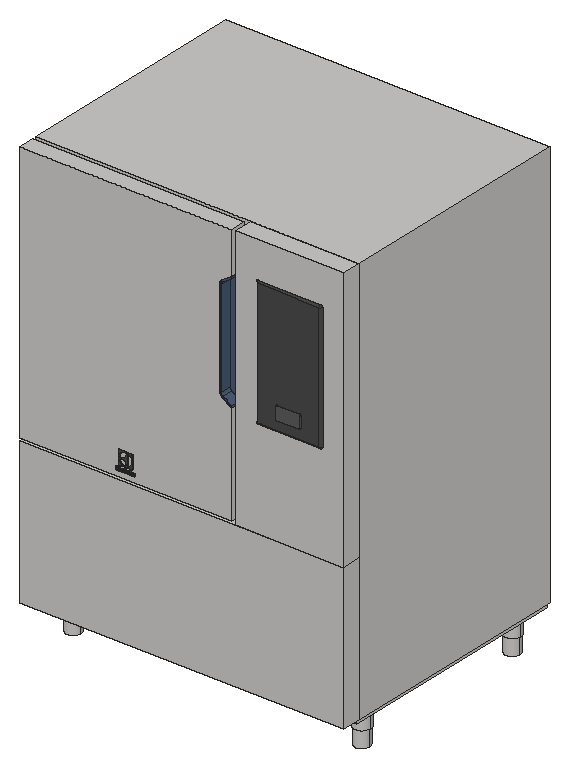
Revit family "QF_ELECTROLUXPROFESSIONAL_727876_EBFA12URE", category Specialty Equipment, Revit 2018 (continued)
Automatic sketch dimensions
  Split face 277 sketch curve to Extrusion 4 = 30.031 mm
  Split face 277 sketch curve to Extrusion 4 = 241.478 mm
  Split face 277 sketch curve to Split face 277 sketch curve = 4.974 mm
  Split face 278 sketch curve to Extrusion 4 = 140.047 mm
  Split face 278 sketch curve to Extrusion 4 = 30.031 mm
  Split face 278 sketch curve to Extrusion 4 = 231.978 mm
  Split face 278 sketch curve to Split face 278 sketch curve = 4.974 mm
  Split face 279 sketch curve to Extrusion 4 = 140.047 mm
  Split face 279 sketch curve to Extrusion 4 = 30.031 mm
  Split face 279 sketch curve to Extrusion 4 = 222.478 mm
  Split face 279 sketch curve to Split face 279 sketch curve = 4.974 mm
  Split face 280 sketch curve to Extrusion 4 = 140.047 mm
  Split face 280 sketch curve to Extrusion 4 = 30.031 mm
  Split face 280 sketch curve to Extrusion 4 = 212.978 mm
  Split face 280 sketch curve to Split face 280 sketch curve = 4.974 mm
  Split face 281 sketch curve to Extrusion 4 = 140.047 mm
  Split face 281 sketch curve to Extrusion 4 = 30.031 mm
  Split face 281 sketch curve to Extrusion 4 = 203.478 mm
  Split face 281 sketch curve to Split face 281 sketch curve = 4.974 mm
  Split face 282 sketch curve to Extrusion 4 = 140.047 mm
  Split face 282 sketch curve to Extrusion 4 = 30.031 mm
  Split face 282 sketch curve to Extrusion 4 = 193.978 mm
  Split face 282 sketch curve to Split face 282 sketch curve = 4.974 mm
  Split face 283 sketch curve to Extrusion 4 = 140.047 mm
  Split face 283 sketch curve to Extrusion 4 = 30.031 mm
  Split face 283 sketch curve to Extrusion 4 = 184.478 mm
  Split face 283 sketch curve to Split face 283 sketch curve = 4.974 mm
  Split face 284 sketch curve to Extrusion 4 = 140.047 mm
  Split face 284 sketch curve to Extrusion 4 = 30.031 mm
  Split face 284 sketch curve to Extrusion 4 = 174.978 mm
  Split face 284 sketch curve to Split face 284 sketch curve = 4.974 mm
  Split face 285 sketch curve to Extrusion 4 = 140.047 mm
  Split face 285 sketch curve to Extrusion 4 = 30.031 mm
  Split face 285 sketch curve to Extrusion 4 = 165.478 mm
  Split face 285 sketch curve to Split face 285 sketch curve = 4.974 mm
  Split face 286 sketch curve to Extrusion 4 = 140.047 mm
  Split face 286 sketch curve to Extrusion 4 = 30.031 mm
  Split face 286 sketch curve to Extrusion 4 = 155.978 mm
  Split face 286 sketch curve to Split face 286 sketch curve = 4.974 mm
  Split face 287 sketch curve to Extrusion 4 = 140.047 mm
  Split face 287 sketch curve to Extrusion 4 = 30.031 mm
  Split face 287 sketch curve to Extrusion 4 = 146.478 mm
  Split face 287 sketch curve to Split face 287 sketch curve = 4.974 mm
  Split face 288 sketch curve to Extrusion 4 = 33.499 mm
  Split face 288 sketch curve to Extrusion 4 = 620.012 mm
  Split face 288 sketch curve to Extrusion 4 = 28.525 mm
  Split face 288 sketch curve to Split face 288 sketch curve = 110.016 mm
  Split face 289 sketch curve to Extrusion 4 = 42.999 mm
  Split face 289 sketch curve to Extrusion 4 = 620.012 mm
  Split face 289 sketch curve to Extrusion 4 = 38.025 mm
  Split face 289 sketch curve to Split face 289 sketch curve = 110.016 mm
  Split face 290 sketch curve to Extrusion 4 = 52.499 mm
  Split face 290 sketch curve to Extrusion 4 = 620.012 mm
  Split face 290 sketch curve to Extrusion 4 = 47.525 mm
  Split face 290 sketch curve to Split face 290 sketch curve = 110.016 mm
  Split face 291 sketch curve to Extrusion 4 = 61.999 mm
  Split face 291 sketch curve to Extrusion 4 = 620.012 mm
  Split face 291 sketch curve to Split face 291 sketch curve = 110.016 mm
  Split face 291 sketch curve to Split face 291 sketch curve = 4.974 mm
  Split face 292 sketch curve to Extrusion 4 = 71.499 mm
  Split face 292 sketch curve to Extrusion 4 = 620.012 mm
  Split face 292 sketch curve to Split face 292 sketch curve = 110.016 mm
  Split face 292 sketch curve to Split face 292 sketch curve = 4.974 mm
  Split face 293 sketch curve to Extrusion 4 = 80.999 mm
  Split face 293 sketch curve to Extrusion 4 = 620.012 mm
  Split face 293 sketch curve to Split face 293 sketch curve = 110.016 mm
  Split face 293 sketch curve to Split face 293 sketch curve = 4.974 mm
  Split face 294 sketch curve to Extrusion 4 = 90.499 mm
  Split face 294 sketch curve to Extrusion 4 = 620.012 mm
  Split face 294 sketch curve to Split face 294 sketch curve = 110.016 mm
  Split face 294 sketch curve to Split face 294 sketch curve = 4.974 mm
  Split face 295 sketch curve to Extrusion 4 = 99.999 mm
  Split face 295 sketch curve to Extrusion 4 = 620.012 mm
  Split face 295 sketch curve to Split face 295 sketch curve = 110.016 mm
  Split face 295 sketch curve to Split face 295 sketch curve = 4.974 mm
  Split face 296 sketch curve to Extrusion 4 = 109.499 mm
  Split face 296 sketch curve to Extrusion 4 = 620.012 mm
  Split face 296 sketch curve to Split face 296 sketch curve = 110.016 mm
  Split face 296 sketch curve to Split face 296 sketch curve = 4.974 mm
  Split face 297 sketch curve to Extrusion 4 = 119 mm
  Split face 297 sketch curve to Extrusion 4 = 620.012 mm
  Split face 297 sketch curve to Split face 297 sketch curve = 110.016 mm
  Split face 297 sketch curve to Split face 297 sketch curve = 4.974 mm
  Split face 298 sketch curve to Extrusion 4 = 128.5 mm
  Split face 298 sketch curve to Extrusion 4 = 620.012 mm
  Split face 298 sketch curve to Split face 298 sketch curve = 110.016 mm
  Split face 298 sketch curve to Split face 298 sketch curve = 4.974 mm
  Split face 299 sketch curve to Extrusion 4 = 138 mm
  Split face 299 sketch curve to Extrusion 4 = 620.012 mm
  Split face 299 sketch curve to Split face 299 sketch curve = 110.016 mm
  Split face 299 sketch curve to Split face 299 sketch curve = 4.974 mm
  Split face 300 sketch curve to Extrusion 4 = 147.5 mm
  Split face 300 sketch curve to Extrusion 4 = 620.012 mm
  Split face 300 sketch curve to Split face 300 sketch curve = 110.016 mm
  Split face 300 sketch curve to Split face 300 sketch curve = 4.974 mm
  Split face 301 sketch curve to Extrusion 4 = 157 mm
  Split face 301 sketch curve to Extrusion 4 = 620.012 mm
  Split face 301 sketch curve to Split face 301 sketch curve = 110.016 mm
  Split face 301 sketch curve to Split face 301 sketch curve = 4.974 mm
  Split face 302 sketch curve to Extrusion 4 = 166.5 mm
  Split face 302 sketch curve to Extrusion 4 = 620.012 mm
  Split face 302 sketch curve to Split face 302 sketch curve = 110.016 mm
  Split face 302 sketch curve to Split face 302 sketch curve = 4.974 mm
  Split face 303 sketch curve to Extrusion 4 = 176 mm
  Split face 303 sketch curve to Extrusion 4 = 620.012 mm
  Split face 303 sketch curve to Split face 303 sketch curve = 110.016 mm
  Split face 303 sketch curve to Split face 303 sketch curve = 4.974 mm
  Split face 304 sketch curve to Extrusion 4 = 185.5 mm
  Split face 304 sketch curve to Extrusion 4 = 620.012 mm
  Split face 304 sketch curve to Split face 304 sketch curve = 110.016 mm
  Split face 304 sketch curve to Split face 304 sketch curve = 4.974 mm
  Split face 305 sketch curve to Extrusion 4 = 195 mm
  Split face 305 sketch curve to Extrusion 4 = 620.012 mm
  Split face 305 sketch curve to Split face 305 sketch curve = 110.016 mm
  Split face 305 sketch curve to Split face 305 sketch curve = 4.974 mm
  Split face 306 sketch curve to Extrusion 4 = 204.5 mm
  Split face 306 sketch curve to Extrusion 4 = 620.012 mm
  Split face 306 sketch curve to Split face 306 sketch curve = 110.016 mm
  Split face 306 sketch curve to Split face 306 sketch curve = 4.974 mm
  Split face 307 sketch curve to Extrusion 4 = 214 mm
  Split face 307 sketch curve to Extrusion 4 = 620.012 mm
  Split face 307 sketch curve to Split face 307 sketch curve = 110.016 mm
  Split face 307 sketch curve to Split face 307 sketch curve = 4.974 mm
  Split face 308 sketch curve to Extrusion 4 = 223.5 mm
  Split face 308 sketch curve to Extrusion 4 = 620.012 mm
  Split face 308 sketch curve to Split face 308 sketch curve = 110.016 mm
  Split face 308 sketch curve to Split face 308 sketch curve = 4.974 mm
  Split face 309 sketch curve to Extrusion 4 = 233.001 mm
  Split face 309 sketch curve to Extrusion 4 = 620.012 mm
  Split face 309 sketch curve to Split face 309 sketch curve = 110.016 mm
  Split face 309 sketch curve to Split face 309 sketch curve = 4.974 mm
  Split face 310 sketch curve to Extrusion 4 = 242.501 mm
  Split face 310 sketch curve to Extrusion 4 = 620.012 mm
  Split face 310 sketch curve to Split face 310 sketch curve = 110.016 mm
  Split face 310 sketch curve to Split face 310 sketch curve = 4.974 mm
  Split face 311 sketch curve to Extrusion 4 = 252.001 mm
  Split face 311 sketch curve to Extrusion 4 = 620.012 mm
  Split face 311 sketch curve to Split face 311 sketch curve = 110.016 mm
  Split face 311 sketch curve to Split face 311 sketch curve = 4.974 mm
  Split face 312 sketch curve to Extrusion 4 = 261.501 mm
  Split face 312 sketch curve to Extrusion 4 = 620.012 mm
  Split face 312 sketch curve to Split face 312 sketch curve = 110.016 mm
  Split face 312 sketch curve to Split face 312 sketch curve = 4.974 mm
  Split face 313 sketch curve to Extrusion 4 = 271.001 mm
  Split face 313 sketch curve to Extrusion 4 = 620.012 mm
  Split face 313 sketch curve to Split face 313 sketch curve = 110.016 mm
  Split face 313 sketch curve to Split face 313 sketch curve = 4.974 mm
  Split face 314 sketch curve to Extrusion 4 = 279.479 mm
  Split face 314 sketch curve to Extrusion 4 = 620.012 mm
  Split face 314 sketch curve to Split face 314 sketch curve = 110.016 mm
  Split face 314 sketch curve to Split face 314 sketch curve = 4.974 mm
  Split face 315 sketch curve to Extrusion 4 = 269.979 mm
  Split face 315 sketch curve to Extrusion 4 = 620.012 mm
  Split face 315 sketch curve to Split face 315 sketch curve = 110.016 mm
  Split face 315 sketch curve to Split face 315 sketch curve = 4.974 mm
  Split face 316 sketch curve to Extrusion 4 = 260.479 mm
  Split face 316 sketch curve to Extrusion 4 = 620.012 mm
  Split face 316 sketch curve to Split face 316 sketch curve = 110.016 mm
  Split face 316 sketch curve to Split face 316 sketch curve = 4.974 mm
  Split face 317 sketch curve to Extrusion 4 = 250.978 mm
  Split face 317 sketch curve to Extrusion 4 = 620.012 mm
  Split face 317 sketch curve to Split face 317 sketch curve = 110.016 mm
  Split face 317 sketch curve to Split face 317 sketch curve = 4.974 mm
  Split face 318 sketch curve to Extrusion 4 = 241.478 mm
  Split face 318 sketch curve to Extrusion 4 = 620.012 mm
  Split face 318 sketch curve to Split face 318 sketch curve = 110.016 mm
  Split face 318 sketch curve to Split face 318 sketch curve = 4.974 mm
  Split face 319 sketch curve to Extrusion 4 = 231.978 mm
  Split face 319 sketch curve to Extrusion 4 = 620.012 mm
  Split face 319 sketch curve to Split face 319 sketch curve = 110.016 mm
  Split face 319 sketch curve to Split face 319 sketch curve = 4.974 mm
  Split face 320 sketch curve to Extrusion 4 = 222.478 mm
  Split face 320 sketch curve to Extrusion 4 = 620.012 mm
  Split face 320 sketch curve to Split face 320 sketch curve = 110.016 mm
  Split face 320 sketch curve to Split face 320 sketch curve = 4.974 mm
  Split face 321 sketch curve to Extrusion 4 = 212.978 mm
  Split face 321 sketch curve to Extrusion 4 = 620.012 mm
  Split face 321 sketch curve to Split face 321 sketch curve = 110.016 mm
  Split face 321 sketch curve to Split face 321 sketch curve = 4.974 mm
  Split face 322 sketch curve to Extrusion 4 = 203.478 mm
  Split face 322 sketch curve to Extrusion 4 = 620.012 mm
  Split face 322 sketch curve to Split face 322 sketch curve = 110.016 mm
  Split face 322 sketch curve to Split face 322 sketch curve = 4.974 mm
  Split face 323 sketch curve to Extrusion 4 = 193.978 mm
  Split face 323 sketch curve to Extrusion 4 = 620.012 mm
  Split face 323 sketch curve to Split face 323 sketch curve = 110.016 mm
  Split face 323 sketch curve to Split face 323 sketch curve = 4.974 mm
  Split face 324 sketch curve to Extrusion 4 = 184.478 mm
  Split face 324 sketch curve to Extrusion 4 = 620.012 mm
  Split face 324 sketch curve to Split face 324 sketch curve = 110.016 mm
  Split face 324 sketch curve to Split face 324 sketch curve = 4.974 mm
  Split face 325 sketch curve to Extrusion 4 = 174.978 mm
  Split face 325 sketch curve to Extrusion 4 = 620.012 mm
  Split face 325 sketch curve to Split face 325 sketch curve = 110.016 mm
  Split face 325 sketch curve to Split face 325 sketch curve = 4.974 mm
  Split face 326 sketch curve to Extrusion 4 = 165.478 mm
  Split face 326 sketch curve to Extrusion 4 = 620.012 mm
  Split face 326 sketch curve to Split face 326 sketch curve = 110.016 mm
  Split face 326 sketch curve to Split face 326 sketch curve = 4.974 mm
  Split face 327 sketch curve to Extrusion 4 = 155.978 mm
  Split face 327 sketch curve to Extrusion 4 = 620.012 mm
  Split face 327 sketch curve to Split face 327 sketch curve = 110.016 mm
  Split face 327 sketch curve to Split face 327 sketch curve = 4.974 mm
  Split face 328 sketch curve to Extrusion 4 = 146.478 mm
  Split face 328 sketch curve to Extrusion 4 = 620.012 mm
  Split face 328 sketch curve to Split face 328 sketch curve = 110.016 mm
  Split face 328 sketch curve to Split face 328 sketch curve = 4.974 mm
  Split face 329 sketch curve to Extrusion 4 = 33.499 mm
  Split face 329 sketch curve to Extrusion 4 = 500.021 mm
  Split face 329 sketch curve to Extrusion 4 = 28.525 mm
  Split face 329 sketch curve to Split face 329 sketch curve = 110.016 mm
  Split face 330 sketch curve to Extrusion 4 = 42.999 mm
  Split face 330 sketch curve to Extrusion 4 = 500.021 mm
  Split face 330 sketch curve to Extrusion 4 = 38.025 mm
  Split face 330 sketch curve to Split face 330 sketch curve = 110.016 mm
  Split face 331 sketch curve to Extrusion 4 = 52.499 mm
  Split face 331 sketch curve to Extrusion 4 = 500.021 mm
  Split face 331 sketch curve to Extrusion 4 = 47.525 mm
  Split face 331 sketch curve to Split face 331 sketch curve = 110.016 mm
  Split face 332 sketch curve to Extrusion 4 = 61.999 mm
  Split face 332 sketch curve to Extrusion 4 = 500.021 mm
  Split face 332 sketch curve to Split face 332 sketch curve = 110.016 mm
  Split face 332 sketch curve to Split face 332 sketch curve = 4.974 mm
  Split face 333 sketch curve to Extrusion 4 = 71.499 mm
  Split face 333 sketch curve to Extrusion 4 = 500.021 mm
  Split face 333 sketch curve to Split face 333 sketch curve = 110.016 mm
  Split face 333 sketch curve to Split face 333 sketch curve = 4.974 mm
  Split face 334 sketch curve to Extrusion 4 = 80.999 mm
  Split face 334 sketch curve to Extrusion 4 = 500.021 mm
  Split face 334 sketch curve to Split face 334 sketch curve = 110.016 mm
  Split face 334 sketch curve to Split face 334 sketch curve = 4.974 mm
  Split face 335 sketch curve to Extrusion 4 = 90.499 mm
  Split face 335 sketch curve to Extrusion 4 = 500.021 mm
  Split face 335 sketch curve to Split face 335 sketch curve = 110.016 mm
  Split face 335 sketch curve to Split face 335 sketch curve = 4.974 mm
  Split face 336 sketch curve to Extrusion 4 = 99.999 mm
  Split face 336 sketch curve to Extrusion 4 = 500.021 mm
  Split face 336 sketch curve to Split face 336 sketch curve = 110.016 mm
  Split face 336 sketch curve to Split face 336 sketch curve = 4.974 mm
  Split face 337 sketch curve to Extrusion 4 = 109.499 mm
  Split face 337 sketch curve to Extrusion 4 = 500.021 mm
  Split face 337 sketch curve to Split face 337 sketch curve = 110.016 mm
  Split face 337 sketch curve to Split face 337 sketch curve = 4.974 mm
  Split face 338 sketch curve to Extrusion 4 = 119 mm
  Split face 338 sketch curve to Extrusion 4 = 500.021 mm
  Split face 338 sketch curve to Split face 338 sketch curve = 110.016 mm
  Split face 338 sketch curve to Split face 338 sketch curve = 4.974 mm
  Split face 339 sketch curve to Extrusion 4 = 128.5 mm
  Split face 339 sketch curve to Extrusion 4 = 500.021 mm
  Split face 339 sketch curve to Split face 339 sketch curve = 110.016 mm
  Split face 339 sketch curve to Split face 339 sketch curve = 4.974 mm
  Split face 340 sketch curve to Extrusion 4 = 138 mm
  Split face 340 sketch curve to Extrusion 4 = 500.021 mm
  Split face 340 sketch curve to Split face 340 sketch curve = 110.016 mm
  Split face 340 sketch curve to Split face 340 sketch curve = 4.974 mm
  Split face 341 sketch curve to Extrusion 4 = 147.5 mm
  Split face 341 sketch curve to Extrusion 4 = 500.021 mm
  Split face 341 sketch curve to Split face 341 sketch curve = 110.016 mm
  Split face 341 sketch curve to Split face 341 sketch curve = 4.974 mm
  Split face 342 sketch curve to Extrusion 4 = 157 mm
  Split face 342 sketch curve to Extrusion 4 = 500.021 mm
  Split face 342 sketch curve to Split face 342 sketch curve = 110.016 mm
  Split face 342 sketch curve to Split face 342 sketch curve = 4.974 mm
  Split face 343 sketch curve to Extrusion 4 = 166.5 mm
  Split face 343 sketch curve to Extrusion 4 = 500.021 mm
  Split face 343 sketch curve to Split face 343 sketch curve = 110.016 mm
  Split face 343 sketch curve to Split face 343 sketch curve = 4.974 mm
  Split face 344 sketch curve to Extrusion 4 = 176 mm
  Split face 344 sketch curve to Extrusion 4 = 500.021 mm
  Split face 344 sketch curve to Split face 344 sketch curve = 110.016 mm
  Split face 344 sketch curve to Split face 344 sketch curve = 4.974 mm
  Split face 345 sketch curve to Extrusion 4 = 185.5 mm
  Split face 345 sketch curve to Extrusion 4 = 500.021 mm
  Split face 345 sketch curve to Split face 345 sketch curve = 110.016 mm
  Split face 345 sketch curve to Split face 345 sketch curve = 4.974 mm
  Split face 346 sketch curve to Extrusion 4 = 195 mm
  Split face 346 sketch curve to Extrusion 4 = 500.021 mm
  Split face 346 sketch curve to Split face 346 sketch curve = 110.016 mm
  Split face 346 sketch curve to Split face 346 sketch curve = 4.974 mm
  Split face 347 sketch curve to Extrusion 4 = 204.5 mm
  Split face 347 sketch curve to Extrusion 4 = 500.021 mm
  Split face 347 sketch curve to Split face 347 sketch curve = 110.016 mm
  Split face 347 sketch curve to Split face 347 sketch curve = 4.974 mm
  Split face 348 sketch curve to Extrusion 4 = 214 mm
  Split face 348 sketch curve to Extrusion 4 = 500.021 mm
  Split face 348 sketch curve to Split face 348 sketch curve = 110.016 mm
  Split face 348 sketch curve to Split face 348 sketch curve = 4.974 mm
  Split face 349 sketch curve to Extrusion 4 = 223.5 mm
  Split face 349 sketch curve to Extrusion 4 = 500.021 mm
  Split face 349 sketch curve to Split face 349 sketch curve = 110.016 mm
  Split face 349 sketch curve to Split face 349 sketch curve = 4.974 mm
  Split face 350 sketch curve to Extrusion 4 = 233.001 mm
  Split face 350 sketch curve to Extrusion 4 = 500.021 mm
  Split face 350 sketch curve to Split face 350 sketch curve = 110.016 mm
  Split face 350 sketch curve to Split face 350 sketch curve = 4.974 mm
  Split face 351 sketch curve to Extrusion 4 = 242.501 mm
  Split face 351 sketch curve to Extrusion 4 = 500.021 mm
  Split face 351 sketch curve to Split face 351 sketch curve = 110.016 mm
  Split face 351 sketch curve to Split face 351 sketch curve = 4.974 mm
  Split face 352 sketch curve to Extrusion 4 = 500.021 mm
  Split face 352 sketch curve to Split face 352 sketch curve = 110.016 mm
  Split face 352 sketch curve to Extrusion 4 = 252.001 mm
  Split face 352 sketch curve to Split face 352 sketch curve = 4.974 mm
  Split face 353 sketch curve to Extrusion 4 = 500.021 mm
  Split face 353 sketch curve to Split face 353 sketch curve = 110.016 mm
  Split face 353 sketch curve to Extrusion 4 = 261.501 mm
  Split face 353 sketch curve to Split face 353 sketch curve = 4.974 mm
  Split face 354 sketch curve to Extrusion 4 = 500.021 mm
  Split face 354 sketch curve to Split face 354 sketch curve = 110.016 mm
  Split face 354 sketch curve to Extrusion 4 = 271.001 mm
  Split face 354 sketch curve to Split face 354 sketch curve = 4.974 mm
  Split face 355 sketch curve to Extrusion 4 = 500.021 mm
  Split face 355 sketch curve to Split face 355 sketch curve = 110.016 mm
  Split face 355 sketch curve to Extrusion 4 = 279.479 mm
  Split face 355 sketch curve to Split face 355 sketch curve = 4.974 mm
  Split face 356 sketch curve to Extrusion 4 = 500.021 mm
  Split face 356 sketch curve to Split face 356 sketch curve = 110.016 mm
  Split face 356 sketch curve to Extrusion 4 = 269.979 mm
  Split face 356 sketch curve to Split face 356 sketch curve = 4.974 mm
  Split face 357 sketch curve to Extrusion 4 = 500.021 mm
  Split face 357 sketch curve to Split face 357 sketch curve = 110.016 mm
  Split face 357 sketch curve to Extrusion 4 = 260.479 mm
  Split face 357 sketch curve to Split face 357 sketch curve = 4.974 mm
  Split face 358 sketch curve to Extrusion 4 = 500.021 mm
  Split face 358 sketch curve to Split face 358 sketch curve = 110.016 mm
  Split face 358 sketch curve to Extrusion 4 = 250.978 mm
  Split face 358 sketch curve to Split face 358 sketch curve = 4.974 mm
  Split face 359 sketch curve to Extrusion 4 = 241.478 mm
  Split face 359 sketch curve to Extrusion 4 = 500.021 mm
  Split face 359 sketch curve to Split face 359 sketch curve = 110.016 mm
  Split face 359 sketch curve to Split face 359 sketch curve = 4.974 mm
  Split face 360 sketch curve to Extrusion 4 = 231.978 mm
  Split face 360 sketch curve to Extrusion 4 = 500.021 mm
  Split face 360 sketch curve to Split face 360 sketch curve = 110.016 mm
  Split face 360 sketch curve to Split face 360 sketch curve = 4.974 mm
  Split face 361 sketch curve to Extrusion 4 = 222.478 mm
  Split face 361 sketch curve to Extrusion 4 = 500.021 mm
  Split face 361 sketch curve to Split face 361 sketch curve = 110.016 mm
  Split face 361 sketch curve to Split face 361 sketch curve = 4.974 mm
  Split face 362 sketch curve to Extrusion 4 = 212.978 mm
  Split face 362 sketch curve to Extrusion 4 = 500.021 mm
  Split face 362 sketch curve to Split face 362 sketch curve = 110.016 mm
  Split face 362 sketch curve to Split face 362 sketch curve = 4.974 mm
  Split face 363 sketch curve to Extrusion 4 = 203.478 mm
  Split face 363 sketch curve to Extrusion 4 = 500.021 mm
  Split face 363 sketch curve to Split face 363 sketch curve = 110.016 mm
  Split face 363 sketch curve to Split face 363 sketch curve = 4.974 mm
  Split face 364 sketch curve to Extrusion 4 = 193.978 mm
  Split face 364 sketch curve to Extrusion 4 = 500.021 mm
  Split face 364 sketch curve to Split face 364 sketch curve = 110.016 mm
  Split face 364 sketch curve to Split face 364 sketch curve = 4.974 mm
  Split face 365 sketch curve to Extrusion 4 = 184.478 mm
  Split face 365 sketch curve to Extrusion 4 = 500.021 mm
  Split face 365 sketch curve to Split face 365 sketch curve = 110.016 mm
  Split face 365 sketch curve to Split face 365 sketch curve = 4.974 mm
  Split face 366 sketch curve to Extrusion 4 = 174.978 mm
  Split face 366 sketch curve to Extrusion 4 = 500.021 mm
  Split face 366 sketch curve to Split face 366 sketch curve = 110.016 mm
  Split face 366 sketch curve to Split face 366 sketch curve = 4.974 mm
  Split face 367 sketch curve to Extrusion 4 = 165.478 mm
  Split face 367 sketch curve to Extrusion 4 = 500.021 mm
  Split face 367 sketch curve to Split face 367 sketch curve = 110.016 mm
  Split face 367 sketch curve to Split face 367 sketch curve = 4.974 mm
  Split face 368 sketch curve to Extrusion 4 = 155.978 mm
  Split face 368 sketch curve to Extrusion 4 = 500.021 mm
  Split face 368 sketch curve to Split face 368 sketch curve = 110.016 mm
  Split face 368 sketch curve to Split face 368 sketch curve = 4.974 mm
  Split face 369 sketch curve to Extrusion 4 = 146.478 mm
  Split face 369 sketch curve to Extrusion 4 = 500.021 mm
  Split face 369 sketch curve to Split face 369 sketch curve = 110.016 mm
  Split face 369 sketch curve to Split face 369 sketch curve = 4.974 mm
  Split face 370 sketch curve to Extrusion 4 = 33.499 mm
  Split face 370 sketch curve to Extrusion 4 = 509.996 mm
  Split face 370 sketch curve to Extrusion 4 = 28.525 mm
  Split face 370 sketch curve to Split face 370 sketch curve = 110.016 mm
  Split face 371 sketch curve to Extrusion 4 = 42.999 mm
  Split face 371 sketch curve to Extrusion 4 = 509.996 mm
  Split face 371 sketch curve to Extrusion 4 = 38.025 mm
  Split face 371 sketch curve to Split face 371 sketch curve = 110.016 mm
  Split face 372 sketch curve to Extrusion 4 = 52.499 mm
  Split face 372 sketch curve to Extrusion 4 = 509.996 mm
  Split face 372 sketch curve to Extrusion 4 = 47.525 mm
  Split face 372 sketch curve to Split face 372 sketch curve = 110.016 mm
  Split face 373 sketch curve to Extrusion 4 = 61.999 mm
  Split face 373 sketch curve to Extrusion 4 = 509.996 mm
  Split face 373 sketch curve to Split face 373 sketch curve = 110.016 mm
  Split face 373 sketch curve to Split face 373 sketch curve = 4.974 mm
  Split face 374 sketch curve to Extrusion 4 = 71.499 mm
  Split face 374 sketch curve to Extrusion 4 = 509.996 mm
  Split face 374 sketch curve to Split face 374 sketch curve = 110.016 mm
  Split face 374 sketch curve to Split face 374 sketch curve = 4.974 mm
  Split face 375 sketch curve to Extrusion 4 = 80.999 mm
  Split face 375 sketch curve to Extrusion 4 = 509.996 mm
  Split face 375 sketch curve to Split face 375 sketch curve = 110.016 mm
  Split face 375 sketch curve to Split face 375 sketch curve = 4.974 mm
  Split face 376 sketch curve to Extrusion 4 = 90.499 mm
  Split face 376 sketch curve to Extrusion 4 = 509.996 mm
  Split face 376 sketch curve to Split face 376 sketch curve = 110.016 mm
  Split face 376 sketch curve to Split face 376 sketch curve = 4.974 mm
  Split face 377 sketch curve to Extrusion 4 = 99.999 mm
  Split face 377 sketch curve to Extrusion 4 = 509.996 mm
  Split face 377 sketch curve to Split face 377 sketch curve = 110.016 mm
  Split face 377 sketch curve to Split face 377 sketch curve = 4.974 mm
  Split face 378 sketch curve to Extrusion 4 = 109.499 mm
  Split face 378 sketch curve to Extrusion 4 = 509.996 mm
  Split face 378 sketch curve to Split face 378 sketch curve = 110.016 mm
  Split face 378 sketch curve to Split face 378 sketch curve = 4.974 mm
  Split face 379 sketch curve to Extrusion 4 = 119 mm
  Split face 379 sketch curve to Extrusion 4 = 509.996 mm
  Split face 379 sketch curve to Split face 379 sketch curve = 110.016 mm
  Split face 379 sketch curve to Split face 379 sketch curve = 4.974 mm
  Split face 380 sketch curve to Extrusion 4 = 128.5 mm
  Split face 380 sketch curve to Extrusion 4 = 509.996 mm
  Split face 380 sketch curve to Split face 380 sketch curve = 110.016 mm
  Split face 380 sketch curve to Split face 380 sketch curve = 4.974 mm
  Split face 381 sketch curve to Extrusion 4 = 138 mm
  Split face 381 sketch curve to Extrusion 4 = 509.996 mm
  Split face 381 sketch curve to Split face 381 sketch curve = 110.016 mm
  Split face 381 sketch curve to Split face 381 sketch curve = 4.974 mm
  Split face 382 sketch curve to Extrusion 4 = 147.5 mm
  Split face 382 sketch curve to Extrusion 4 = 509.996 mm
  Split face 382 sketch curve to Split face 382 sketch curve = 110.016 mm
  Split face 382 sketch curve to Split face 382 sketch curve = 4.974 mm
  Split face 383 sketch curve to Extrusion 4 = 157 mm
  Split face 383 sketch curve to Extrusion 4 = 509.996 mm
  Split face 383 sketch curve to Split face 383 sketch curve = 110.016 mm
  Split face 383 sketch curve to Split face 383 sketch curve = 4.974 mm
  Split face 384 sketch curve to Extrusion 4 = 166.5 mm
  Split face 384 sketch curve to Extrusion 4 = 509.996 mm
  Split face 384 sketch curve to Split face 384 sketch curve = 110.016 mm
  Split face 384 sketch curve to Split face 384 sketch curve = 4.974 mm
  Split face 385 sketch curve to Extrusion 4 = 176 mm
  Split face 385 sketch curve to Extrusion 4 = 509.996 mm
  Split face 385 sketch curve to Split face 385 sketch curve = 110.016 mm
  Split face 385 sketch curve to Split face 385 sketch curve = 4.974 mm
  Split face 386 sketch curve to Extrusion 4 = 185.5 mm
  Split face 386 sketch curve to Extrusion 4 = 509.996 mm
  Split face 386 sketch curve to Split face 386 sketch curve = 110.016 mm
  Split face 386 sketch curve to Split face 386 sketch curve = 4.974 mm
  Split face 387 sketch curve to Extrusion 4 = 195 mm
  Split face 387 sketch curve to Extrusion 4 = 509.996 mm
  Split face 387 sketch curve to Split face 387 sketch curve = 110.016 mm
  Split face 387 sketch curve to Split face 387 sketch curve = 4.974 mm
  Split face 388 sketch curve to Extrusion 4 = 204.5 mm
  Split face 388 sketch curve to Extrusion 4 = 509.996 mm
  Split face 388 sketch curve to Split face 388 sketch curve = 110.016 mm
  Split face 388 sketch curve to Split face 388 sketch curve = 4.974 mm
  Split face 389 sketch curve to Extrusion 4 = 214 mm
  Split face 389 sketch curve to Extrusion 4 = 509.996 mm
  Split face 389 sketch curve to Split face 389 sketch curve = 110.016 mm
  Split face 389 sketch curve to Split face 389 sketch curve = 4.974 mm
  Split face 390 sketch curve to Extrusion 4 = 223.5 mm
  Split face 390 sketch curve to Extrusion 4 = 509.996 mm
  Split face 390 sketch curve to Split face 390 sketch curve = 110.016 mm
  Split face 390 sketch curve to Split face 390 sketch curve = 4.974 mm
  Split face 391 sketch curve to Extrusion 4 = 233.001 mm
  Split face 391 sketch curve to Extrusion 4 = 509.996 mm
  Split face 391 sketch curve to Split face 391 sketch curve = 110.016 mm
  Split face 391 sketch curve to Split face 391 sketch curve = 4.974 mm
  Split face 392 sketch curve to Extrusion 4 = 242.501 mm
  Split face 392 sketch curve to Extrusion 4 = 509.996 mm
  Split face 392 sketch curve to Split face 392 sketch curve = 110.016 mm
  Split face 392 sketch curve to Split face 392 sketch curve = 4.974 mm
  Split face 393 sketch curve to Extrusion 4 = 252.001 mm
  Split face 393 sketch curve to Extrusion 4 = 509.996 mm
  Split face 393 sketch curve to Split face 393 sketch curve = 110.016 mm
  Split face 393 sketch curve to Split face 393 sketch curve = 4.974 mm
  Split face 394 sketch curve to Extrusion 4 = 509.996 mm
  Split face 394 sketch curve to Split face 394 sketch curve = 110.016 mm
  Split face 394 sketch curve to Extrusion 4 = 261.501 mm
  Split face 394 sketch curve to Split face 394 sketch curve = 4.974 mm
  Split face 395 sketch curve to Extrusion 4 = 509.996 mm
  Split face 395 sketch curve to Split face 395 sketch curve = 110.016 mm
  Split face 395 sketch curve to Extrusion 4 = 271.001 mm
  Split face 395 sketch curve to Split face 395 sketch curve = 4.974 mm
  Split face 396 sketch curve to Extrusion 4 = 509.996 mm
  Split face 396 sketch curve to Split face 396 sketch curve = 110.016 mm
  Split face 396 sketch curve to Extrusion 4 = 279.479 mm
  Split face 396 sketch curve to Split face 396 sketch curve = 4.974 mm
  Split face 397 sketch curve to Extrusion 4 = 509.996 mm
  Split face 397 sketch curve to Split face 397 sketch curve = 110.016 mm
  Split face 397 sketch curve to Extrusion 4 = 269.979 mm
  Split face 397 sketch curve to Split face 397 sketch curve = 4.974 mm
  Split face 398 sketch curve to Extrusion 4 = 509.996 mm
  Split face 398 sketch curve to Split face 398 sketch curve = 110.016 mm
  Split face 398 sketch curve to Extrusion 4 = 260.479 mm
  Split face 398 sketch curve to Split face 398 sketch curve = 4.974 mm
  Split face 399 sketch curve to Extrusion 4 = 250.978 mm
  Split face 399 sketch curve to Extrusion 4 = 509.996 mm
  Split face 399 sketch curve to Split face 399 sketch curve = 110.016 mm
  Split face 399 sketch curve to Split face 399 sketch curve = 4.974 mm
  Split face 400 sketch curve to Extrusion 4 = 241.478 mm
  Split face 400 sketch curve to Extrusion 4 = 509.996 mm
  Split face 400 sketch curve to Split face 400 sketch curve = 110.016 mm
  Split face 400 sketch curve to Split face 400 sketch curve = 4.974 mm
  Split face 401 sketch curve to Extrusion 4 = 231.978 mm
  Split face 401 sketch curve to Extrusion 4 = 509.996 mm
  Split face 401 sketch curve to Split face 401 sketch curve = 110.016 mm
  Split face 401 sketch curve to Split face 401 sketch curve = 4.974 mm
  Split face 402 sketch curve to Extrusion 4 = 222.478 mm
  Split face 402 sketch curve to Extrusion 4 = 509.996 mm
  Split face 402 sketch curve to Split face 402 sketch curve = 110.016 mm
  Split face 402 sketch curve to Split face 402 sketch curve = 4.974 mm
  Split face 403 sketch curve to Extrusion 4 = 212.978 mm
  Split face 403 sketch curve to Extrusion 4 = 509.996 mm
  Split face 403 sketch curve to Split face 403 sketch curve = 110.016 mm
  Split face 403 sketch curve to Split face 403 sketch curve = 4.974 mm
  Split face 404 sketch curve to Extrusion 4 = 203.478 mm
  Split face 404 sketch curve to Extrusion 4 = 509.996 mm
  Split face 404 sketch curve to Split face 404 sketch curve = 110.016 mm
  Split face 404 sketch curve to Split face 404 sketch curve = 4.974 mm
  Split face 405 sketch curve to Extrusion 4 = 193.978 mm
  Split face 405 sketch curve to Extrusion 4 = 509.996 mm
  Split face 405 sketch curve to Split face 405 sketch curve = 110.016 mm
  Split face 405 sketch curve to Split face 405 sketch curve = 4.974 mm
  Split face 406 sketch curve to Extrusion 4 = 184.478 mm
  Split face 406 sketch curve to Extrusion 4 = 509.996 mm
  Split face 406 sketch curve to Split face 406 sketch curve = 110.016 mm
  Split face 406 sketch curve to Split face 406 sketch curve = 4.974 mm
  Split face 407 sketch curve to Extrusion 4 = 174.978 mm
  Split face 407 sketch curve to Extrusion 4 = 509.996 mm
  Split face 407 sketch curve to Split face 407 sketch curve = 110.016 mm
  Split face 407 sketch curve to Split face 407 sketch curve = 4.974 mm
  Split face 408 sketch curve to Extrusion 4 = 165.478 mm
  Split face 408 sketch curve to Extrusion 4 = 509.996 mm
  Split face 408 sketch curve to Split face 408 sketch curve = 110.016 mm
  Split face 408 sketch curve to Split face 408 sketch curve = 4.974 mm
  Split face 409 sketch curve to Extrusion 4 = 155.978 mm
  Split face 409 sketch curve to Extrusion 4 = 509.996 mm
  Split face 409 sketch curve to Split face 409 sketch curve = 110.016 mm
  Split face 409 sketch curve to Split face 409 sketch curve = 4.974 mm
  Split face 410 sketch curve to Extrusion 4 = 146.478 mm
  Split face 410 sketch curve to Extrusion 4 = 509.996 mm
  Split face 410 sketch curve to Split face 410 sketch curve = 110.016 mm
  Split face 410 sketch curve to Split face 410 sketch curve = 4.974 mm
  Extrusion 14 sketch curve to plane 7 "TOP" = 0 mm
  plane 5 "FRONT" to Extrusion 14 sketch curve = 0 mm
  plane 10 to Extrusion 14 sketch curve = 47.24 mm
  Extrusion 14 sketch curve to plane 7 "TOP" = 186.112 mm
  Extrusion 14 sketch curve to Extrusion 14 sketch curve = 8.487 mm
  Extrusion 14 sketch curve to Extrusion 14 sketch curve = 8.95 mm
  Extrusion 14 sketch curve to Extrusion 14 sketch curve = 10.513 mm
  Extrusion 14 sketch curve to Extrusion 14 sketch curve = 11.05 mm
  Extrusion 14 sketch curve to Extrusion 14 sketch curve = 35.79 mm
  Extrusion 14 sketch curve to plane 7 "TOP" = 162.03 mm
  Extrusion 14 sketch curve to Extrusion 14 sketch curve = 36.253 mm
  Extrusion 14 sketch curve to Extrusion 14 sketch curve = 374.913 mm
  Extrusion 14 sketch curve to Extrusion 14 sketch curve = 23.723 mm
  plane 6 to Extrusion 14 sketch curve = 589.524 mm
  plane 10 to Extrusion 15 sketch curve = 47.24 mm
  Extrusion 15 sketch curve to plane 7 "TOP" = 186.112 mm
  Extrusion 15 sketch curve to Extrusion 15 sketch curve = 8.487 mm
  Extrusion 15 sketch curve to Extrusion 15 sketch curve = 8.95 mm
  Extrusion 15 sketch curve to Extrusion 15 sketch curve = 19 mm
  Extrusion 15 sketch curve to Extrusion 15 sketch curve = 11.05 mm
  Extrusion 15 sketch curve to Extrusion 15 sketch curve = 374.913 mm
  Extrusion 15 sketch curve to plane 7 "TOP" = 162.03 mm
  Extrusion 15 sketch curve to Extrusion 15 sketch curve = 36.253 mm
  Extrusion 15 sketch curve to Extrusion 15 sketch curve = 35.79 mm
  Extrusion 15 sketch curve to Extrusion 15 sketch curve = 0 mm  (x3)
  Extrusion 15 sketch curve to Extrusion 15 sketch curve = 23.723 mm
  Extrusion 16 sketch curve to Extrusion 16 sketch curve = 0 mm  (x4)
  Extrusion 16 sketch curve to plane 7 "TOP" = 168.172 mm
  Extrusion 16 sketch curve to plane 10 = 0 mm  (x2)
  Extrusion 16 sketch curve to plane 7 "TOP" = 162.03 mm
  Extrusion 16 sketch curve to Extrusion 16 sketch curve = 2.5 mm  (x2)
  Extrusion 16 sketch curve to Extrusion 16 sketch curve = 27.24 mm
  Extrusion 16 sketch curve to Extrusion 16 sketch curve = 28.24 mm
  Extrusion 16 sketch curve to Extrusion 16 sketch curve = 7.459 mm
  Extrusion 16 sketch curve to plane 7 "TOP" = 191.526 mm
  Extrusion 16 sketch curve to Extrusion 16 sketch curve = 6.917 mm
  Extrusion 16 sketch curve to Extrusion 16 sketch curve = 3.591 mm
  Extrusion 16 sketch curve to plane 7 "TOP" = 186.112 mm
  Extrusion 16 sketch curve to Extrusion 16 sketch curve = 3.597 mm
  Extrusion 16 sketch curve to Extrusion 16 sketch curve = 5.583 mm
  Extrusion 16 sketch curve to Extrusion 16 sketch curve = 374.913 mm
  Extrusion 16 sketch curve to Extrusion 16 sketch curve = 23 mm
  Extrusion 16 sketch curve to Extrusion 16 sketch curve = 6.141 mm
  plane 5 "FRONT" to Extrusion 1 sketch curve = 76 mm
  plane 5 "FRONT" to Extrusion 5 sketch curve = 78 mm
  curve 21 to plane 12 "LEFT" = 0 mm
  curve 19 to plane 12 "LEFT" = 0 mm
  curve 27 to plane 5 "FRONT" = 0 mm
  curve 18 to plane 5 "FRONT" = 0 mm
  curve 27 to plane 5 "FRONT" = 1 mm
  plane 3 "Center Y" to curve 27 = 148.46 mm
  curve 27 to curve 23 = 44.74 mm
  curve 22 to curve 25 = 2.5 mm
  curve 20 to curve 18 = 14.8 mm
  plane 5 "FRONT" to curve 26 = 39 mm
  curve 21 to curve 20 = 60 mm
  curve 20 to curve 18 = 16 mm
  Extrusion 10 sketch curve to plane 5 "FRONT" = 0 mm
  plane 12 "LEFT" to Extrusion 10 sketch curve = 23.403 mm
  Extrusion 10 sketch curve to plane 13 = 14 mm
  plane 3 "Center Y" to Extrusion 10 sketch curve = 193.2 mm
  plane 10 to Extrusion 10 sketch curve = 2.5 mm
  curve 1 to plane 4 "BACK" = 0 mm
  curve 1 to plane 11 "RIGHT" = 0 mm
  curve 13 to plane 5 "FRONT" = 0 mm
  curve 6 to plane 9 = 0 mm
  curve 14 to plane 5 "FRONT" = 0 mm
  curve 17 to plane 5 "FRONT" = 0 mm
  curve 2 to plane 12 "LEFT" = 0 mm
  curve 15 to plane 5 "FRONT" = 0 mm
  plane 14 to curve 9 = 15.5 mm
  curve 13 to plane 5 "FRONT" = 5 mm
  plane 14 to curve 13 = 22.5 mm
  curve 8 to curve 10 = 21 mm
  curve 8 to curve 6 = 63.778 mm
  curve 11 to curve 11 = 238 mm
  curve 6 to curve 6 = 164.232 mm
  plane 10 to curve 17 = 2.5 mm
  curve 17 to plane 13 = 14 mm
  plane 12 "LEFT" to curve 14 = 23.403 mm
  curve 16 to plane 12 "LEFT" = 7 mm
  curve 10 to curve 10 = 29 mm
  plane 5 "FRONT" to curve 14 = 17.949 mm
  curve 13 to curve 11 = 8 mm
  curve 10 to curve 7 = 55.686 mm
  curve 11 to curve 12 = 8 mm
  curve 5 to curve 5 = 8.092 mm
  curve 3 to curve 14 = 14.8 mm
  curve 2 to curve 14 = 58.051 mm
  radius of Extrusion 3 sketch curve = 10.5 mm
  radius of Extrusion 6 sketch curve = 9.5 mm
Nested families
  nested 1: "Foot_Complete" at (-869.5, -118.149, 0), type "Foot_Complete"
    with H 130 mm
  nested 2: "Foot_Complete" at (246.5, -118.149, 0), type "Foot_Complete"
    with H 130 mm
  nested 3: "Foot_Complete" at (246.5, 608.851, 0), type "Foot_Complete"
    with H 130 mm
  nested 4: "Foot_Complete" at (-869.5, 608.851, 0), type "Foot_Complete"
    with H 130 mm
  nested 5: "ELX_Touch" at (105, -292.149, 1341.605) x (-1, 0, 0) z (0, -1, 0), type "ELX_Touch"
  nested 6: "ELX_Logo_S_New" at (-527.4, -292.149, 749.524) x (1, 0, 0) z (0, -1, 0), visible <- "Show Logo", type "ELX_Logo_S_New"
    with M QF_Finishes_Black
  nested 7: "ELX_Logo_Symbol" at (-527.4, -292.149, 789.524) x (-1, 0, 0) z (0, -1, 0), visible <- "Show Logo", type "ELX_Logo_Symbol"
    with M QF_Finishes_Black
Connectors
  electrical at (220.5, 732.851, 593), driven by "Volts"
    settings: on Extrusion 3, index 5, voltage 380 V, apparent load 0 VA, apparent load phase1 0 VA, apparent load phase2 0 VA, apparent load phase3 0 VA, power factor 1, load classification "Altro", number of poles 1, system type 30, power factor state 1, is connector primary yes, connector utility no, sub classification motor no, connector description "Electrical Connection"
  piping at (-366.5, 215.851, 98.32), diameter 19
    settings: on cut or joined group of Extrusion 1, Extrusion 2, Extrusion 3, Extrusion 5, Extrusion 6, Extrusion 7, Extrusion 13, index 6, connector inside diameter 609.6 mm, connector length 0 mm, flow factor 0, pipe flow 0.0 L/s, pressure drop 0.0 Pa, fitting loss kfactor 0, connector angle 0.00°, fixture units 0, engagement length 0 mm, angle of deflection 0.00°, flow configuration 1, flow direction 2, fitting loss method 0, system type 16, joint type 0, gender type 0, connector reference index -1, connector utility 0, adjustable connector no, is connector primary yes, connector description "Drain"
Definition of nested family "Foot_Complete"
  Parameters
    R = 32 mm
    H = 150 mm
  Reference planes
    plane 1 "Centro (Fronte/Retro)": y = 0
    plane 2: z = 0
    plane 3 "Centro (Sinistra/Destra)": x = 0
    plane 4: z = 150
  Forms (mm)
    Revolve 1, solid
      sketch origin (255.05, 0, 608.09) x (0, 0, 1) y (-1, 0, 0)
        loop
          line (-608.09, 255.05) -> (-608.09, 226.55) -> (-544.09, 226.55) -> (-544.09, 223.05) -> (-458.09, 223.05) -> (-458.09, 255.05) -> (-608.09, 255.05)
        axis (-608.09, 255.05) -> (-458.09, 255.05)
      angle from 0 to 360
  Dimensions and locks
    locked: level to Revolve 1 sketch curve at 64
    "R": Revolve 1 sketch curve to plane 3 "Centro (Sinistra/Destra)"
    "H": plane 4 to level
    aligned and locked: level to plane 2
    aligned and locked: plane 4 to Revolve 1 sketch curve
    aligned and locked: Revolve 1 sketch curve to level
    aligned and locked: plane 3 "Centro (Sinistra/Destra)" to Revolve 1 sketch curve
  Automatic sketch dimensions
    Revolve 1 sketch curve to plane 3 "Centro (Sinistra/Destra)" = 0 mm
    plane 3 "Centro (Sinistra/Destra)" to Revolve 1 sketch curve = 28.5 mm
    Revolve 1 sketch curve to Revolve 1 sketch curve = 50 mm
    Revolve 1 sketch curve to Revolve 1 sketch curve = 20 mm
Definition of nested family "ELX_Touch"
  Parameters
    Default Elevation = 1219.2 mm
  Reference planes
    plane 1 "Centro (Fronte/Retro)": y = 0
    plane 2: z = 0
    plane 3 "Centro (Sinistra/Destra)": x = 0
  Forms (mm)
    Extrusion 1, solid
      sketch origin (0, 0, 0) x (1, 0, 0) y (0, 1, 0)
        loop
          line (-1219.2, 1219.2) -> (-1219.2, -1219.2) -> (1219.2, -1219.2) -> (1219.2, 1219.2) -> (-1219.2, 1219.2)
      from 0 to -304.8
    Extrusion 2, solid
      sketch origin (0, 0, 5) x (1, 0, 0) y (0, 1, 0)
        loop
          line (-47, -160) -> (-47, -202)
          arc (-47, -202) -> (-45.536, -205.535) -> (-42, -207) r 5
          line (-42, -207) -> (42, -207)
          arc (42, -207) -> (45.536, -205.535) -> (47, -202) r 5
          line (47, -202) -> (47, -160)
          arc (47, -160) -> (45.536, -156.465) -> (42, -155) r 5
          line (42, -155) -> (-42, -155)
          arc (-42, -155) -> (-45.536, -156.465) -> (-47, -160) r 5
      from 0 to 2
    Blend 3, solid
      base sketch origin (0, 0, 0) x (1, 0, 0) y (0, 1, 0)
        loop
          line (-127, 244) -> (-127, -244)
          arc (-127, -244) -> (-125.536, -247.536) -> (-122, -249) r 5
          line (-122, -249) -> (122, -249)
          arc (122, -249) -> (125.536, -247.536) -> (127, -244) r 5
          line (127, -244) -> (127, 244)
          arc (127, 244) -> (125.536, 247.536) -> (122, 249) r 5
          line (122, 249) -> (-122, 249)
          arc (-122, 249) -> (-125.536, 247.536) -> (-127, 244) r 5
      top sketch origin (0, 0, 0) x (1, 0, 0) y (0, 1, 0)
        loop
          line (-119, -241) -> (119, -241) -> (119, 241) -> (-119, 241) -> (-119, -241)
      from 0 to 5
  Lines and regions (mm)
    Split face 1
      outline origin (0, 0, 5) x (1, 0, 0) y (0, 1, 0)
        loop
          line (-70.506, 46.167) -> (70.506, 46.167) -> (70.506, 214.829) -> (-70.506, 214.829) -> (-70.506, 46.167)
    Split face 2
      outline origin (0, 0, 5) x (1, 0, 0) y (0, 1, 0)
        loop
          line (-47.467, 50.825) -> (47.467, 50.825) -> (47.467, 210.171) -> (-47.467, 210.171) -> (-47.467, 50.825)
    Split face 3
      outline origin (0, 0, 5) x (1, 0, 0) y (0, 1, 0)
        loop
          line (-70.521, -215.33) -> (70.521, -215.33) -> (70.521, -146.67) -> (-70.521, -146.67) -> (-70.521, -215.33)
    Split face 4
      outline origin (0, 0, 5) x (1, 0, 0) y (0, 1, 0)
        loop
          line (-119, 201.163) -> (-70.506, 201.163)
        loop
          line (70.506, 201.163) -> (119, 201.163)
        loop
          line (70.521, -200.849) -> (119, -200.849)
        loop
          line (-119, -200.849) -> (-70.521, -200.849)
  Dimensions and locks
    aligned and locked: plane 2 to Extrusion 1
    aligned and locked: level to Extrusion 1
Definition of nested family "ELX_Logo_S_New"
  Parameters
    Default Elevation = 0 mm
    M [instance] = none
  Reference planes
    plane 1 "Centro (Fronte/Retro)": y = 0
    plane 2: z = 0
    plane 3 "Centro (Sinistra/Destra)": x = 0
  Forms (mm)
    Extrusion 1, solid
      sketch origin (0, 0, 0) x (1, 0, 0) y (0, 1, 0)
        loop
          line (-1219.2, 1219.2) -> (-1219.2, -1219.2) -> (1219.2, -1219.2) -> (1219.2, 1219.2) -> (-1219.2, 1219.2)
      from 0 to -304.8
    Extrusion 2, solid, material <- "M"
      sketch origin (0, 0, 0) x (1, 0, 0) y (0, 1, 0)
        loop
          spline (-32.537, -4.135) -> (-32.702, -4.128) -> (-32.877, -4.105) -> (-33.059, -4.064) -> (-33.242, -4.002) -> (-33.422, -3.916) -> (-33.593, -3.803) -> (-33.751, -3.66) -> (-33.891, -3.486) -> (-34.008, -3.276) -> (-34.098, -3.029) -> (-34.155, -2.741) -> (-34.176, -2.41)
          line (-34.176, -2.41) -> (-34.176, -0.943) -> (-29.331, -0.943) -> (-29.331, 0.928) -> (-34.176, 0.928) -> (-34.176, 3.652) -> (-29.023, 3.652) -> (-29.023, 5.518) -> (-36.159, 5.518) -> (-36.159, -2.326)
          spline (-36.159, -2.326) -> (-36.142, -2.808) -> (-36.088, -3.263) -> (-35.996, -3.688) -> (-35.867, -4.083) -> (-35.698, -4.445) -> (-35.489, -4.773) -> (-35.239, -5.066) -> (-34.946, -5.322) -> (-34.61, -5.539) -> (-34.23, -5.716) -> (-33.804, -5.851) -> (-33.332, -5.943)
          line (-33.332, -5.943) -> (-32.554, -5.999) -> (-28.885, -5.999) -> (-28.885, -4.135) -> (-32.537, -4.135)
        loop
          line (-27.476, 0.076) -> (-27.476, -6.002) -> (-25.492, -6.002) -> (-25.492, 5.521) -> (-27.476, 5.521) -> (-27.476, 0.076)
        loop
          spline (-15.702, -2.321) -> (-15.689, -1.697) -> (-15.749, -1.094) -> (-15.879, -0.516) -> (-16.078, 0.029) -> (-16.341, 0.538) -> (-16.668, 1.004) -> (-17.055, 1.422) -> (-17.5, 1.786) -> (-17.999, 2.091) -> (-18.552, 2.331) -> (-19.154, 2.5) -> (-19.804, 2.594)
          spline (-19.804, 2.594) -> (-20.422, 2.558) -> (-21.009, 2.453) -> (-21.56, 2.28) -> (-22.072, 2.042) -> (-22.54, 1.743) -> (-22.96, 1.385) -> (-23.327, 0.97) -> (-23.638, 0.502) -> (-23.887, -0.018) -> (-24.07, -0.586) -> (-24.183, -1.2) -> (-24.222, -1.857)
          spline (-24.222, -1.857) -> (-24.184, -2.498) -> (-24.074, -3.097) -> (-23.895, -3.652) -> (-23.651, -4.16) -> (-23.344, -4.618) -> (-22.979, -5.023) -> (-22.559, -5.374) -> (-22.087, -5.667) -> (-21.567, -5.899) -> (-21.003, -6.068) -> (-20.397, -6.172) -> (-19.754, -6.207)
          spline (-19.754, -6.207) -> (-19.44, -6.2) -> (-19.13, -6.176) -> (-18.823, -6.135) -> (-18.52, -6.074) -> (-18.221, -5.993) -> (-17.925, -5.89) -> (-17.634, -5.762) -> (-17.346, -5.609) -> (-17.062, -5.43) -> (-16.782, -5.221) -> (-16.506, -4.983) -> (-16.234, -4.713)
          line (-16.234, -4.713) -> (-17.429, -3.55)
          spline (-17.429, -3.55) -> (-17.587, -3.702) -> (-17.745, -3.841) -> (-17.906, -3.967) -> (-18.07, -4.08) -> (-18.239, -4.181) -> (-18.415, -4.268) -> (-18.599, -4.343) -> (-18.792, -4.404) -> (-18.996, -4.452) -> (-19.213, -4.486) -> (-19.443, -4.506) -> (-19.688, -4.513)
          spline (-19.688, -4.513) -> (-20.047, -4.496) -> (-20.383, -4.443) -> (-20.696, -4.358) -> (-20.984, -4.24) -> (-21.246, -4.092) -> (-21.479, -3.915) -> (-21.683, -3.711) -> (-21.856, -3.48) -> (-21.997, -3.224) -> (-22.104, -2.945) -> (-22.176, -2.643) -> (-22.212, -2.321)
          line (-22.212, -2.321) -> (-15.702, -2.321)
        loop
          spline (-17.695, -0.926) -> (-17.714, -0.681) -> (-17.771, -0.445) -> (-17.861, -0.221) -> (-17.984, -0.01) -> (-18.135, 0.184) -> (-18.314, 0.36) -> (-18.516, 0.516) -> (-18.741, 0.648) -> (-18.984, 0.755) -> (-19.244, 0.834) -> (-19.518, 0.883) -> (-19.804, 0.9)
          spline (-19.804, 0.9) -> (-20.11, 0.884) -> (-20.405, 0.835) -> (-20.686, 0.757) -> (-20.95, 0.652) -> (-21.195, 0.521) -> (-21.419, 0.367) -> (-21.618, 0.192) -> (-21.79, -0.003) -> (-21.934, -0.214) -> (-22.045, -0.439) -> (-22.122, -0.678) -> (-22.162, -0.926)
          line (-22.162, -0.926) -> (-17.695, -0.926)
        loop
          spline (-12.669, -1.807) -> (-12.646, -1.438) -> (-12.58, -1.088) -> (-12.472, -0.759) -> (-12.326, -0.455) -> (-12.145, -0.177) -> (-11.93, 0.072) -> (-11.685, 0.289) -> (-11.412, 0.473) -> (-11.114, 0.62) -> (-10.793, 0.728) -> (-10.453, 0.794) -> (-10.095, 0.817)
          spline (-10.095, 0.817) -> (-9.876, 0.81) -> (-9.665, 0.79) -> (-9.464, 0.756) -> (-9.271, 0.709) -> (-9.086, 0.65) -> (-8.908, 0.578) -> (-8.737, 0.495) -> (-8.572, 0.399) -> (-8.414, 0.292) -> (-8.261, 0.173) -> (-8.113, 0.044) -> (-7.969, -0.096)
          line (-7.969, -0.096) -> (-6.741, 1.183)
          spline (-6.741, 1.183) -> (-6.985, 1.427) -> (-7.237, 1.647) -> (-7.496, 1.843) -> (-7.762, 2.015) -> (-8.034, 2.164) -> (-8.312, 2.291) -> (-8.596, 2.397) -> (-8.886, 2.482) -> (-9.181, 2.546) -> (-9.481, 2.592) -> (-9.786, 2.619) -> (-10.095, 2.627)
          spline (-10.095, 2.627) -> (-10.715, 2.589) -> (-11.308, 2.476) -> (-11.871, 2.294) -> (-12.396, 2.046) -> (-12.88, 1.736) -> (-13.316, 1.369) -> (-13.7, 0.949) -> (-14.026, 0.48) -> (-14.289, -0.035) -> (-14.483, -0.59) -> (-14.604, -1.182) -> (-14.645, -1.807)
          spline (-14.645, -1.807) -> (-14.604, -2.431) -> (-14.483, -3.023) -> (-14.289, -3.578) -> (-14.026, -4.093) -> (-13.7, -4.562) -> (-13.316, -4.983) -> (-12.88, -5.35) -> (-12.396, -5.659) -> (-11.871, -5.907) -> (-11.308, -6.09) -> (-10.715, -6.202) -> (-10.095, -6.24)
          spline (-10.095, -6.24) -> (-9.786, -6.232) -> (-9.481, -6.205) -> (-9.181, -6.16) -> (-8.886, -6.095) -> (-8.596, -6.01) -> (-8.312, -5.904) -> (-8.034, -5.777) -> (-7.762, -5.628) -> (-7.496, -5.456) -> (-7.237, -5.26) -> (-6.985, -5.04) -> (-6.741, -4.796)
          line (-6.741, -4.796) -> (-7.969, -3.517)
          spline (-7.969, -3.517) -> (-8.113, -3.657) -> (-8.261, -3.786) -> (-8.414, -3.905) -> (-8.572, -4.012) -> (-8.737, -4.108) -> (-8.908, -4.192) -> (-9.086, -4.263) -> (-9.271, -4.323) -> (-9.464, -4.369) -> (-9.665, -4.403) -> (-9.876, -4.423) -> (-10.095, -4.43)
          spline (-10.095, -4.43) -> (-10.453, -4.408) -> (-10.793, -4.341) -> (-11.114, -4.233) -> (-11.412, -4.086) -> (-11.685, -3.902) -> (-11.93, -3.685) -> (-12.145, -3.436) -> (-12.326, -3.158) -> (-12.472, -2.854) -> (-12.58, -2.526) -> (-12.646, -2.176) -> (-12.669, -1.807)
        loop
          spline (-1.683, -4.138) -> (-1.858, -4.14) -> (-2.045, -4.127) -> (-2.24, -4.095) -> (-2.438, -4.04) -> (-2.633, -3.959) -> (-2.822, -3.85) -> (-2.998, -3.709) -> (-3.157, -3.533) -> (-3.294, -3.318) -> (-3.404, -3.061) -> (-3.483, -2.76) -> (-3.524, -2.411)
          line (-3.524, -2.411) -> (-3.524, 0.529) -> (-1.72, 0.529) -> (-1.72, 2.331) -> (-3.522, 2.331) -> (-3.522, 5.521) -> (-5.506, 5.521) -> (-5.506, -2.523)
          spline (-5.506, -2.523) -> (-5.463, -2.99) -> (-5.386, -3.429) -> (-5.274, -3.839) -> (-5.126, -4.218) -> (-4.941, -4.564) -> (-4.717, -4.877) -> (-4.455, -5.155) -> (-4.153, -5.396) -> (-3.81, -5.599) -> (-3.425, -5.762) -> (-2.998, -5.884) -> (-2.528, -5.964)
          line (-2.528, -5.964) -> (-1.69, -6.002) -> (-1.683, -4.138)
        loop
          spline (4.991, 2.446) -> (4.648, 2.468) -> (4.318, 2.461) -> (4.001, 2.429) -> (3.699, 2.371) -> (3.413, 2.288) -> (3.142, 2.182) -> (2.89, 2.052) -> (2.655, 1.901) -> (2.439, 1.728) -> (2.244, 1.535) -> (2.069, 1.322) -> (1.917, 1.091)
          line (1.917, 1.091) -> (1.917, 2.33) -> (-0.051, 2.33) -> (-0.051, -6.002) -> (1.917, -6.002) -> (1.917, -1.621)
          spline (1.917, -1.621) -> (1.935, -1.288) -> (1.988, -0.979) -> (2.075, -0.693) -> (2.195, -0.432) -> (2.345, -0.197) -> (2.526, 0.01) -> (2.736, 0.189) -> (2.972, 0.338) -> (3.235, 0.456) -> (3.522, 0.541) -> (3.832, 0.594) -> (4.165, 0.611)
          line (4.165, 0.611) -> (4.991, 0.529) -> (4.991, 2.446)
        loop
          spline (14.388, -1.836) -> (14.347, -1.224) -> (14.226, -0.642) -> (14.031, -0.093) -> (13.768, 0.418) -> (13.441, 0.887) -> (13.057, 1.308) -> (12.621, 1.677) -> (12.137, 1.989) -> (11.612, 2.24) -> (11.051, 2.425) -> (10.459, 2.539) -> (9.842, 2.578)
          spline (9.842, 2.578) -> (9.221, 2.539) -> (8.627, 2.425) -> (8.064, 2.24) -> (7.539, 1.989) -> (7.056, 1.677) -> (6.62, 1.308) -> (6.237, 0.887) -> (5.912, 0.418) -> (5.65, -0.093) -> (5.456, -0.642) -> (5.336, -1.224) -> (5.295, -1.836)
          spline (5.295, -1.836) -> (5.336, -2.447) -> (5.456, -3.029) -> (5.65, -3.578) -> (5.912, -4.089) -> (6.237, -4.558) -> (6.62, -4.979) -> (7.056, -5.348) -> (7.539, -5.66) -> (8.064, -5.911) -> (8.627, -6.096) -> (9.221, -6.211) -> (9.842, -6.25)
          spline (9.842, -6.25) -> (10.459, -6.211) -> (11.051, -6.096) -> (11.612, -5.911) -> (12.137, -5.66) -> (12.621, -5.348) -> (13.057, -4.979) -> (13.441, -4.558) -> (13.768, -4.089) -> (14.031, -3.578) -> (14.226, -3.029) -> (14.347, -2.447) -> (14.388, -1.836)
        loop
          spline (12.42, -1.836) -> (12.397, -1.475) -> (12.33, -1.131) -> (12.222, -0.807) -> (12.075, -0.504) -> (11.893, -0.227) -> (11.677, 0.022) -> (11.431, 0.241) -> (11.157, 0.426) -> (10.859, 0.575) -> (10.538, 0.685) -> (10.198, 0.753) -> (9.842, 0.777)
          spline (9.842, 0.777) -> (9.482, 0.753) -> (9.14, 0.685) -> (8.818, 0.575) -> (8.519, 0.426) -> (8.246, 0.241) -> (8.001, 0.022) -> (7.786, -0.227) -> (7.605, -0.504) -> (7.459, -0.807) -> (7.352, -1.131) -> (7.286, -1.475) -> (7.263, -1.836)
          spline (7.263, -1.836) -> (7.286, -2.196) -> (7.352, -2.54) -> (7.459, -2.865) -> (7.605, -3.167) -> (7.786, -3.444) -> (8.001, -3.694) -> (8.246, -3.912) -> (8.519, -4.098) -> (8.818, -4.247) -> (9.14, -4.357) -> (9.482, -4.425) -> (9.842, -4.448)
          spline (9.842, -4.448) -> (10.198, -4.425) -> (10.538, -4.357) -> (10.859, -4.247) -> (11.157, -4.098) -> (11.431, -3.912) -> (11.677, -3.694) -> (11.893, -3.444) -> (12.075, -3.167) -> (12.222, -2.865) -> (12.33, -2.54) -> (12.397, -2.196) -> (12.42, -1.836)
        loop
          line (15.608, 0.275) -> (15.608, -6.002) -> (17.593, -6.002) -> (17.593, 5.521) -> (15.608, 5.521) -> (15.608, 0.275)
        loop
          line (24.747, 2.33) -> (24.747, -2.513)
          spline (24.747, -2.513) -> (24.731, -2.828) -> (24.685, -3.112) -> (24.61, -3.366) -> (24.507, -3.59) -> (24.38, -3.785) -> (24.229, -3.952) -> (24.056, -4.091) -> (23.863, -4.203) -> (23.652, -4.29) -> (23.425, -4.35) -> (23.183, -4.386) -> (22.928, -4.398)
          spline (22.928, -4.398) -> (22.674, -4.386) -> (22.432, -4.35) -> (22.205, -4.29) -> (21.994, -4.204) -> (21.802, -4.092) -> (21.629, -3.954) -> (21.478, -3.788) -> (21.35, -3.595) -> (21.248, -3.373) -> (21.173, -3.122) -> (21.126, -2.841) -> (21.11, -2.53)
          line (21.11, -2.53) -> (21.11, 2.33) -> (19.11, 2.33) -> (19.11, -2.696)
          spline (19.11, -2.696) -> (19.145, -3.265) -> (19.248, -3.783) -> (19.413, -4.25) -> (19.636, -4.667) -> (19.912, -5.033) -> (20.236, -5.349) -> (20.603, -5.616) -> (21.008, -5.833) -> (21.446, -6.001) -> (21.913, -6.121) -> (22.403, -6.193) -> (22.912, -6.217)
          spline (22.912, -6.217) -> (23.425, -6.193) -> (23.92, -6.12) -> (24.39, -5.998) -> (24.832, -5.828) -> (25.241, -5.607) -> (25.611, -5.337) -> (25.937, -5.016) -> (26.216, -4.645) -> (26.441, -4.222) -> (26.608, -3.749) -> (26.711, -3.223) -> (26.747, -2.646)
          line (26.747, -2.646) -> (26.747, 2.33) -> (24.747, 2.33)
        loop
          line (34.253, -3.337) -> (33.002, -1.588) -> (34.551, 0.523) -> (35.878, 2.33) -> (33.713, 2.33) -> (31.91, -0.166) -> (30.092, 2.33) -> (27.943, 2.33) -> (29.175, 0.645) -> (30.82, -1.604) -> (29.096, -4.004) -> (27.662, -6.002) -> (29.794, -6.002) -> (31.91, -3.059) -> (34.027, -6.002) -> (36.159, -6.002) -> (34.253, -3.337)
      from 0 to 1.644
  Dimensions and locks
    aligned and locked: plane 2 to Extrusion 1
    aligned and locked: level to Extrusion 1
Definition of nested family "ELX_Logo_Symbol"
  Parameters
    Default Elevation = 0 mm
    M [instance] = none
  Reference planes
    plane 1 "Centro (Fronte/Retro)": y = 0
    plane 2: z = 0
    plane 3 "Centro (Sinistra/Destra)": x = 0
  Forms (mm)
    Extrusion 1, solid
      sketch origin (0, 0, 0) x (1, 0, 0) y (0, 1, 0)
        loop
          line (-1219.2, 1219.2) -> (-1219.2, -1219.2) -> (1219.2, -1219.2) -> (1219.2, 1219.2) -> (-1219.2, 1219.2)
      from 0 to -304.8
    Extrusion 2, solid, material <- "M"
      sketch origin (94.462, 558.781, 0) x (1, 0, 0) y (0, 1, 0)
        loop
          line (-101.645, -583.129) -> (-101.645, -534.543)
          arc (-101.645, -534.543) -> (-119.606, -558.836) -> (-101.645, -583.129) r 25.41
        loop
          arc (-99.174, -583.129) -> (-78.968, -578.537) -> (-69.233, -560.244) r 24.902
          line (-69.233, -560.244) -> (-77.271, -560.244)
          arc (-77.271, -560.244) -> (-91.631, -566.073) -> (-99.174, -579.611) r 23.341
          line (-99.174, -579.611) -> (-99.174, -583.129)
        loop
          arc (-99.174, -538.061) -> (-91.631, -551.599) -> (-77.271, -557.427) r 23.341
          line (-77.271, -557.427) -> (-69.233, -557.427)
          arc (-69.233, -557.427) -> (-78.952, -538.984) -> (-99.174, -533.918) r 25.553
          line (-99.174, -533.918) -> (-99.174, -538.061)
        loop
          line (-67.388, -585.781) -> (-67.388, -531.781) -> (-121.462, -531.781) -> (-121.462, -585.781) -> (-67.388, -585.781)
      from 0 to 1.644
  Dimensions and locks
    aligned and locked: plane 2 to Extrusion 1
    aligned and locked: level to Extrusion 1
